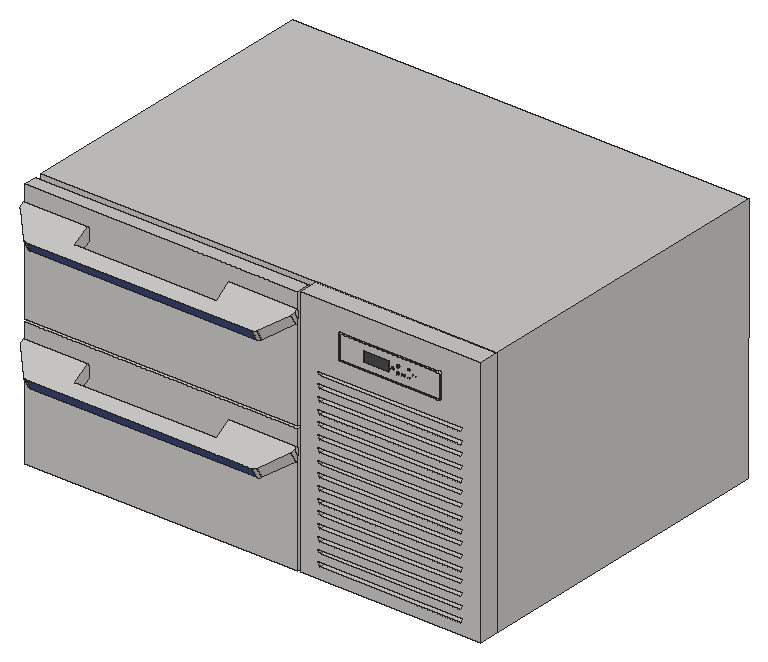
Revit family "QF_ELECTROLUXPROFESSIONAL_588483_MA6HDAJOBO", category Attrezzature speciali, Revit 2020
Family settings
  Quota connettore circolare = Usa diametro
  Tipo di parte = Normale
  Basato su piano di lavoro = No
  Sempre verticale = Sì
  Taglio con vuoti quando caricato = No
  Condiviso = No
  Punto di calcolo locali = No
Parameters (values of type "Standard")
  Weight = 80.00 kg
  Watts = 480 W
  Volts = 220 V
  URL Manufacturer = "https://www.electroluxprofessional.com/"
  URL = "https://www.electroluxprofessional.com/"
  Steam Supply Size = 0"
  Steam Supply Minimum Pressure = 0.00 psi
  Steam Supply Maximum Pressure = 0.00 psi
  Steam Consumption per Hour = 0
  Refrigeration Suction Line Size = 0 mm
  Refrigeration Liquid Line Size = 0 mm
  Refrigerant Compressor Remote = yes
  Prospetto di default = 0 mm
  Phase = 1
  Modello = "MA6HDAJOBO"
  Produttore = "Electrolux Professional"
  Length Actual = 1000 mm  # constant formula
  Item Number = "588483"
  Hot Water Size = 0"
  Height Actual = 550 mm  # constant formula
  HP = "0.6 HP"
  Gas Size = 0"
  Gas KW = 0
  Gas Input Pressure = 0.0 Btu/h
  Direct Waste Size = 0"
  Descrizione = "REF-FREEZER BASE,2DRAWERS,GN1/1,1S,1000X800X550H - R290"
  Depth Actual = 800 mm  # constant formula
  Cycle = 50 Hz
  Condensate Return Size = 0"
  Compressed Air Volume = 0 GPM
  Compressed Air Size = 0"
  Compressed Air Pressure = 0.00 psi
  Cold Water Size = 0"
  Accessory = yes
Reference planes
  plane 1 "BACK": y = 0
  plane 2: z = 0
  plane 3 "LEFT": x = -100
  plane 4 "RIGHT": x = 900
  plane 5 "FRONT": y = -800
  plane 6 "TOP": z = 900
  plane 7 "Center (Left/Right)": x = 400
  plane 8: y = -400
  plane 9: z = 100
  plane 10: y = -150
  plane 11 "Panel": y = -735
  plane 12: z = 798
  plane 13: x = -22
  plane 14: x = 822
  plane 15: y = -150
  plane 16: y = -650
  plane 17 "EIx": x = 770
  plane 18 "EIy": y = -85
  plane 19: z = 650
  plane 20 "GasX": x = 670
  plane 21 "EI2x": x = 600
  plane 22: y = -45
  plane 23: y = -780
Forms (mm)
  Extrusion 1, solid, material "QF_Finishes_Stainless Steel"
    sketch origin (-488.969, -4662, 100) x (-1, 0, 0) y (0, -1, 0)
      loop
        circle (-1258.969, -4577) r 6.35
    from 0 to -11.851
  Extrusion 2, solid, material "QF_Finishes_Stainless Steel"
    sketch origin (-178.969, -4572, 100) x (-1, 0, 0) y (0, -1, 0)
      loop
        line (-78.969, -4527) -> (-78.969, -3837) -> (-1078.969, -3837) -> (-1078.969, -4527) -> (-78.969, -4527)
    from 550 to 0
  Extrusion 3, solid, material "QF_Finishes_Stainless Steel"
    sketch origin (-658.969, -4662, 100) x (-1, 0, 0) y (0, -1, 0)
      loop
        circle (-1258.969, -4577) r 6.35
    from 0 to -11.851
  Extrusion 4, solid, material "QF_Finishes_Stainless Steel"
    sketch origin (-588.969, -4662, 100) x (-1, 0, 0) y (0, -1, 0)
      loop
        circle (-1258.969, -4577) r 6.35
    from 0 to -11.851
Lines and regions (mm)
  symbolic lines, style "SpecialityEquipmentHiddenLines"
    curve 1: line (-100, -45, 100) -> (900, -45, 100)
  symbolic lines
    curve 2: line (-100, -800, 100) -> (-100, -45, 100)
    curve 3: line (900, -800, 100) -> (-100, -800, 100)
    curve 4: line (900, -45, 100) -> (900, -800, 100)
Dimensions and locks
  plane 3 "LEFT" to plane 4 "RIGHT" = 1000 mm
  locked: plane 5 "FRONT" to plane 1 "BACK" at 800
  equal spacing: plane 3 "LEFT", plane 7 "Center (Left/Right)", plane 4 "RIGHT"
  equal spacing: plane 5 "FRONT", plane 8, plane 1 "BACK"
  plane 6 "TOP" to level = 900 mm  (x2)
  plane 9 to level = 100 mm
  plane 1 "BACK" to plane 10 to plane 11 "Panel" = 150 mm, 585 mm  (x2)
  plane 6 "TOP" to plane 9 to level = 800 mm, 100 mm
  plane 1 "BACK" to Extrusion 1 = 85 mm
  plane 13 to plane 3 "LEFT" = 78 mm
  plane 14 to plane 4 "RIGHT" = 78 mm
  locked: plane 1 "BACK" to plane 15 at 150
  locked: plane 15 to plane 16 at 500
  plane 11 "Panel" to plane 5 "FRONT" = 65 mm
  locked: plane 18 "EIy" to plane 1 "BACK" at 85
  plane 19 to plane 9 = 550 mm
  locked: plane 20 "GasX" to plane 4 "RIGHT" at 230
  locked: plane 17 "EIx" to plane 4 "RIGHT" at 130
  locked: plane 21 "EI2x" to plane 4 "RIGHT" at 300
  plane 1 "BACK" to plane 5 "FRONT" = 800 mm
  locked: plane 1 "BACK" to plane 22 at 45
  plane 5 "FRONT" to plane 23 = 20 mm
  plane 11 "Panel" to plane 23 = 45 mm
  aligned and locked: level to plane 2
  aligned and locked: nested 1 to plane 4 "RIGHT"
  aligned and locked: plane 3 "LEFT" to nested 2
  aligned and locked: plane 19 to nested 1
  aligned and locked: plane 22 to Extrusion 2
  aligned and locked: plane 11 "Panel" to nested 1
  aligned and locked: Extrusion 2 to plane 11 "Panel"  (x2)
  aligned and locked: plane 11 "Panel" to nested 2
Automatic sketch dimensions
  plane 1 "BACK" to curve 1 = 45 mm
  curve 1 to plane 4 "RIGHT" = 0 mm
  curve 3 to plane 3 "LEFT" = 0 mm
  plane 5 "FRONT" to curve 3 = 0 mm
  Extrusion 1 sketch curve to plane 17 "EIx" = 0 mm
  Extrusion 1 sketch curve to plane 18 "EIy" = 0 mm
  Extrusion 2 sketch curve to plane 4 "RIGHT" = 0 mm
  Extrusion 2 sketch curve to plane 3 "LEFT" = 0 mm
  Extrusion 2 sketch curve to plane 11 "Panel" = 0 mm
  plane 18 "EIy" to Extrusion 2 sketch curve = 40 mm
  Extrusion 3 sketch curve to plane 18 "EIy" = 0 mm
  Extrusion 3 sketch curve to plane 21 "EI2x" = 0 mm
  Extrusion 4 sketch curve to plane 18 "EIy" = 0 mm
  Extrusion 4 sketch curve to plane 20 "GasX" = 0 mm
  radius of Extrusion 1 sketch curve = 6.35 mm
  radius of Extrusion 3 sketch curve = 6.35 mm
  radius of Extrusion 4 sketch curve = 6.35 mm
Nested families
  nested 1: "QF_ELECTROLUXPROFESSIONAL_REF-FREEZER-UNIT" at (636.133, -735, 394.336) x (1, 0, 0) z (0, -1, 0), type "QF_ELECTROLUXPROFESSIONAL_REF-FREEZER-UNIT"
    with Show Logo yes
  nested 2: "Drawer_W600_Ref_Freezer" at (205, -735, 0), type "Drawer_W600_Ref_Freezer"
Connectors
  electrical at (770, -85, 88.149)
    settings: on Extrusion 1, index 1, voltage 400 V, apparent load 33000 VA, apparent load phase1 0 VA, apparent load phase2 0 VA, apparent load phase3 0 VA, power factor 1, load classification "Other", number of poles 1, system type 30, power factor state 1, is connector primary yes, connector utility no, sub classification motor no, connector description "ELECTRICAL CONNECTION"
  piping at (670, -85, 88.149), diameter 12.7
    settings: on Extrusion 4, index 2, connector inside diameter 24", connector length 0 mm, flow factor 0, pipe flow 0 GPM, pressure drop 0.00 psi, fitting loss kfactor 0, connector angle 0.00°, fixture units 0, engagement length 0 mm, angle of deflection 0.00°, flow configuration 1, flow direction 1, fitting loss method 0, system type 7, joint type 0, gender type 0, connector reference index -1, connector utility 0, adjustable connector no, is connector primary yes, connector description "Gas connection"
  electrical at (600, -85, 88.149)
    settings: on Extrusion 3, index 3, voltage 0 V, apparent load 0 VA, apparent load phase1 0 VA, apparent load phase2 0 VA, apparent load phase3 0 VA, power factor 1, load classification "Other", number of poles 1, system type 30, power factor state 1, is connector primary no, connector utility no, sub classification motor no, connector description "Electrical connection"
Definition of nested family "QF_ELECTROLUXPROFESSIONAL_REF-FREEZER-UNIT"
  Parameters
    Width = 395 mm
    Show Logo [instance] = yes
    Height = 550 mm
    Depth = 45 mm
    Default Elevation = 100 mm
  Reference planes
    plane 1 "Centro (Fronte/Retro)": y = -19.336
    plane 2: z = 0
    plane 3 "Centro (Sinistra/Destra)": x = 66.367
    plane 4 "Back": y = -294.336
    plane 5 "Top": y = 255.664
    plane 6 "Left": x = -131.133
    plane 7 "Right": x = 263.867
    plane 8 "Panel": z = 45
  Forms (mm)
    Extrusion 1, solid
      sketch origin (0, 0, 0) x (1, 0, 0) y (0, 1, 0)
        loop
          line (-1219.2, 1219.2) -> (-1219.2, -1219.2) -> (1219.2, -1219.2) -> (1219.2, 1219.2) -> (-1219.2, 1219.2)
      from 0 to -304.8
    Extrusion 2, solid
      sketch origin (66.367, 0, 0) x (0, 1, 0) y (0, 0, 1)
        loop
          line (-294.336, 45) -> (-294.336, 0) -> (255.664, 0) -> (255.664, 45) -> (-294.336, 45)
      from -197.5 to 197.5
    Sweep 3, solid
      path origin (0, 0, 0) x (1, 0, 0) y (0, 1, 0)
        loop
          line (175.167, 207.994) -> (-42.833, 207.994)
          arc (-42.833, 207.994) -> (-44.954, 207.115) -> (-45.833, 204.994) r 3
          line (-45.833, 204.994) -> (-45.833, 154.894)
          arc (-45.833, 154.894) -> (-44.954, 152.772) -> (-42.833, 151.894) r 3
          line (-42.833, 151.894) -> (175.167, 151.894)
          arc (175.167, 151.894) -> (177.289, 152.772) -> (178.167, 154.894) r 3
          line (178.167, 154.894) -> (178.167, 204.994)
          arc (178.167, 204.994) -> (177.289, 207.115) -> (175.167, 207.994) r 3
      profile origin (66.167, 207.994, 0) x (0, -1, 0) y (0, 0, 1)
        loop
          line (0, 45.003) -> (2, 45.003) -> (2, 47.003)
          arc (2, 47.003) -> (0.586, 46.417) -> (0, 45.003) r 2
    Extrusion 4, solid
      sketch origin (0, 0, 45) x (-1, 0, 0) y (0, -1, 0)
        loop
          arc (42.333, -206.244) -> (43.575, -205.726) -> (44.083, -204.479) r 1.75
          line (44.083, -204.479) -> (44.083, -155.379)
          arc (44.083, -155.379) -> (43.57, -154.156) -> (42.346, -153.644) r 1.75
          line (42.346, -153.644) -> (-174.654, -153.644)
          arc (-174.654, -153.644) -> (-175.9, -154.152) -> (-176.417, -155.394) r 1.75
          line (-176.417, -155.394) -> (-176.417, -204.494)
          arc (-176.417, -204.494) -> (-175.905, -205.731) -> (-174.667, -206.244) r 1.75
          line (-174.667, -206.244) -> (42.333, -206.244)
        loop
          arc (-9.317, -170.644) -> (-9.611, -169.937) -> (-10.317, -169.644) r 1.002
          line (-10.317, -169.644) -> (-63.917, -169.644)
          arc (-63.917, -169.644) -> (-64.621, -169.935) -> (-64.917, -170.637) r 1.002
          line (-64.917, -170.637) -> (-64.917, -189.751)
          arc (-64.917, -189.751) -> (-64.621, -190.453) -> (-63.917, -190.744) r 1.002
          line (-63.917, -190.744) -> (-10.317, -190.744)
          arc (-10.317, -190.744) -> (-9.611, -190.45) -> (-9.317, -189.744) r 1.002
          line (-9.317, -189.744) -> (-9.317, -170.644)
        loop
          line (-72.717, -183.367) -> (-69.06, -177.032) -> (-76.375, -177.032) -> (-72.717, -183.367)
        loop
          circle (-84.616, -187.247) r 3.169
        loop
          circle (-84.616, -173.141) r 3.169
        loop
          line (-93.382, -170.679) -> (-99.425, -170.679) -> (-99.425, -175.679) -> (-93.382, -175.679) -> (-93.382, -170.679)
        loop
          line (-106.292, -171.416) -> (-108.401, -170.022) -> (-110.543, -171.427) -> (-110.543, -173.081) -> (-108.414, -171.678) -> (-106.292, -173.081) -> (-106.292, -171.416)
        loop
          line (-106.172, -187.306) -> (-108.366, -188.753) -> (-110.527, -187.306) -> (-110.527, -189.011) -> (-108.366, -190.44) -> (-106.172, -189) -> (-106.172, -187.306)
        loop
          line (-117.509, -181.558) -> (-117.509, -179.018) -> (-122.899, -179.018) -> (-122.899, -181.558) -> (-117.509, -181.558)
      from 0 to 2.003
    Extrusion 5, solid
      sketch origin (0, 0, 45) x (-1, 0, 0) y (0, -1, 0)
        loop
          arc (-64.917, -189.751) -> (-64.621, -190.453) -> (-63.915, -190.744) r 1.002
          line (-63.915, -190.744) -> (-10.319, -190.744)
          arc (-10.319, -190.744) -> (-9.611, -190.45) -> (-9.317, -189.742) r 1.002
          line (-9.317, -189.742) -> (-9.317, -170.646)
          arc (-9.317, -170.646) -> (-9.611, -169.937) -> (-10.319, -169.644) r 1.002
          line (-10.319, -169.644) -> (-63.917, -169.644)
          arc (-63.917, -169.644) -> (-64.621, -169.935) -> (-64.917, -170.637) r 1.002
          line (-64.917, -170.637) -> (-64.917, -189.751)
      from 0 to 2.003
    Extrusion 6, solid
      sketch origin (0, 0, 45) x (-1, 0, 0) y (0, -1, 0)
        loop
          line (-69.06, -177.032) -> (-76.375, -177.032) -> (-72.717, -183.367) -> (-69.06, -177.032)
        loop
          circle (-84.616, -187.247) r 3.169
        loop
          circle (-84.616, -173.141) r 3.169
        loop
          line (-99.425, -170.679) -> (-99.425, -175.679) -> (-93.382, -175.679) -> (-93.382, -170.679) -> (-99.425, -170.679)
        loop
          line (-108.401, -170.022) -> (-110.543, -171.427) -> (-110.543, -173.081) -> (-108.414, -171.678) -> (-106.292, -173.081) -> (-106.292, -171.416) -> (-108.401, -170.022)
        loop
          line (-122.899, -179.018) -> (-122.899, -181.558) -> (-117.509, -181.558) -> (-117.509, -179.018) -> (-122.899, -179.018)
        loop
          line (-108.366, -188.753) -> (-110.527, -187.306) -> (-110.527, -189.011) -> (-108.366, -190.44) -> (-106.172, -189) -> (-106.172, -187.306) -> (-108.366, -188.753)
      from 0 to 2
    Extrusion 7, void
      sketch origin (0, 0, 45) x (-1, 0, 0) y (0, -1, 0)
        loop
          line (93.805, -115.164) -> (88.954, -105.485) -> (-221.688, -105.485) -> (-226.538, -115.164) -> (93.805, -115.164)
        loop
          line (93.805, -90.163) -> (88.954, -80.484) -> (-221.688, -80.484) -> (-226.538, -90.163) -> (93.805, -90.163)
        loop
          line (93.805, -65.163) -> (88.954, -55.485) -> (-221.688, -55.485) -> (-226.538, -65.163) -> (93.805, -65.163)
        loop
          line (93.805, -40.164) -> (88.954, -30.485) -> (-221.688, -30.485) -> (-226.538, -40.164) -> (93.805, -40.164)
        loop
          line (93.805, -15.163) -> (88.954, -5.484) -> (-221.688, -5.484) -> (-226.538, -15.163) -> (93.805, -15.163)
        loop
          line (93.805, 9.837) -> (88.954, 19.516) -> (-221.688, 19.516) -> (-226.538, 9.837) -> (93.805, 9.837)
        loop
          line (93.805, 34.836) -> (88.954, 44.515) -> (-221.688, 44.515) -> (-226.538, 34.836) -> (93.805, 34.836)
        loop
          line (93.805, 59.837) -> (88.954, 69.516) -> (-221.688, 69.516) -> (-226.538, 59.837) -> (93.805, 59.837)
        loop
          line (93.805, 84.837) -> (88.954, 94.515) -> (-221.688, 94.515) -> (-226.538, 84.837) -> (93.805, 84.837)
        loop
          line (93.805, 109.836) -> (88.954, 119.515) -> (-221.688, 119.515) -> (-226.538, 109.836) -> (93.805, 109.836)
        loop
          line (93.805, 134.837) -> (88.954, 144.516) -> (-221.688, 144.516) -> (-226.538, 134.837) -> (93.805, 134.837)
        loop
          line (93.805, 159.837) -> (88.954, 169.515) -> (-221.688, 169.515) -> (-226.538, 159.837) -> (93.805, 159.837)
        loop
          line (93.805, 184.837) -> (88.954, 194.515) -> (-221.688, 194.515) -> (-226.538, 184.837) -> (93.805, 184.837)
        loop
          line (93.805, 209.837) -> (88.954, 219.516) -> (-221.688, 219.516) -> (-226.538, 209.837) -> (93.805, 209.837)
        loop
          line (93.805, 234.837) -> (88.954, 244.515) -> (-221.688, 244.515) -> (-226.538, 234.837) -> (93.805, 234.837)
        loop
          line (93.805, 259.836) -> (88.954, 269.515) -> (-221.688, 269.515) -> (-226.538, 259.836) -> (93.805, 259.836)
      from 11.086 to -14.08
  Cuts and joins
    Extrusion 7 cuts Extrusion 2
  Lines and regions (mm)
    symbolic lines
      curve 1: line (-131.133, -294.336, 0) -> (-131.133, -294.336, 45)
  Dimensions and locks
    "Height": plane 5 "Top" to plane 4 "Back"
    equal spacing: plane 5 "Top", plane 1 "Centro (Fronte/Retro)", plane 4 "Back"
    "Width": plane 6 "Left" to plane 7 "Right"
    equal spacing: plane 6 "Left", plane 3 "Centro (Sinistra/Destra)", plane 7 "Right"
    plane 8 "Panel" to level = 45 mm
    aligned and locked: plane 2 to Extrusion 1
    aligned and locked: level to Extrusion 1
    aligned and locked: plane 5 "Top" to Extrusion 2 sketch curve
    aligned and locked: Extrusion 2 sketch curve to plane 4 "Back"
    aligned and locked: Extrusion 2 sketch curve to plane 8 "Panel"
    aligned and locked: Extrusion 2 sketch curve to Extrusion 1
  Automatic sketch dimensions
    Extrusion 1 sketch curve to Extrusion 1 sketch curve = 2438.4 mm  (x2)
    plane 6 "Left" to Sweep 3 sketch curve = 88.301 mm
    Sweep 3 sketch curve to plane 5 "Top" = 50.67 mm
    Sweep 3 sketch curve to Sweep 3 sketch curve = 3 mm  (x4)
    Sweep 3 sketch curve to plane 7 "Right" = 88.699 mm
    Sweep 3 sketch curve to Sweep 3 sketch curve = 50.1 mm
    Sweep 3 sketch curve to Sweep 3 sketch curve = 0 mm  (x2)
    Sweep 3 sketch curve to profile plane = 2 mm
    level to Sweep 3 sketch curve = 45.003 mm
    Sweep 3 sketch curve to profile plane = 0 mm
    Extrusion 5 sketch curve to plane 3 "Centro (Sinistra/Destra)" = 1.449 mm
    Extrusion 5 sketch curve to Extrusion 5 sketch curve = 1.002 mm  (x4)
    Extrusion 5 sketch curve to Extrusion 5 sketch curve = 0 mm  (x9)
    Extrusion 5 sketch curve to Extrusion 5 sketch curve = 53.596 mm
    Extrusion 5 sketch curve to plane 5 "Top" = 64.92 mm
    Extrusion 5 sketch curve to Extrusion 5 sketch curve = 0.993 mm
    Extrusion 5 sketch curve to Extrusion 5 sketch curve = 0.009 mm  (x2)
    Extrusion 5 sketch curve to Extrusion 5 sketch curve = 19.096 mm  (x2)
    Extrusion 5 sketch curve to Extrusion 5 sketch curve = 0.03 mm
    Extrusion 5 sketch curve to Extrusion 5 sketch curve = 0.028 mm
    Extrusion 4 sketch curve to plane 7 "Right" = 89.199 mm
    Extrusion 4 sketch curve to Extrusion 4 sketch curve = 0 mm  (x24)
    Extrusion 4 sketch curve to Extrusion 4 sketch curve = 0.013 mm  (x3)
    plane 3 "Centro (Sinistra/Destra)" to Extrusion 4 sketch curve = 56.533 mm
    Extrusion 4 sketch curve to Extrusion 4 sketch curve = 5.391 mm
    Extrusion 4 sketch curve to Extrusion 4 sketch curve = 6.966 mm
    Extrusion 4 sketch curve to Extrusion 4 sketch curve = 6.982 mm
    Extrusion 4 sketch curve to Extrusion 4 sketch curve = 2.129 mm
    Extrusion 4 sketch curve to Extrusion 4 sketch curve = 2.16 mm
    Extrusion 4 sketch curve to Extrusion 4 sketch curve = 2.122 mm
    Extrusion 4 sketch curve to Extrusion 4 sketch curve = 2.194 mm
    Extrusion 4 sketch curve to Extrusion 4 sketch curve = 6.867 mm
    Extrusion 4 sketch curve to Extrusion 4 sketch curve = 6.043 mm
    Extrusion 4 sketch curve to Extrusion 4 sketch curve = 8.767 mm  (x2)
    Extrusion 4 sketch curve to Extrusion 4 sketch curve = 8.241 mm
    plane 3 "Centro (Sinistra/Destra)" to Extrusion 4 sketch curve = 6.351 mm
    plane 3 "Centro (Sinistra/Destra)" to Extrusion 4 sketch curve = 2.693 mm
    Extrusion 4 sketch curve to plane 3 "Centro (Sinistra/Destra)" = 1.449 mm
    Extrusion 4 sketch curve to Extrusion 4 sketch curve = 1.002 mm  (x4)
    Extrusion 4 sketch curve to Extrusion 4 sketch curve = 53.596 mm
    Extrusion 4 sketch curve to Extrusion 4 sketch curve = 52.652 mm
    Extrusion 4 sketch curve to Extrusion 4 sketch curve = 1.75 mm  (x2)
    Extrusion 4 sketch curve to plane 5 "Top" = 51.17 mm  (x2)
    Extrusion 4 sketch curve to Extrusion 4 sketch curve = 0.015 mm  (x2)
    Extrusion 4 sketch curve to plane 5 "Top" = 65.223 mm
    Extrusion 4 sketch curve to Extrusion 4 sketch curve = 0.69 mm
    Extrusion 4 sketch curve to Extrusion 4 sketch curve = 0.009 mm  (x2)
    Extrusion 4 sketch curve to Extrusion 4 sketch curve = 1.429 mm
    Extrusion 4 sketch curve to Extrusion 4 sketch curve = 1.44 mm
    Extrusion 4 sketch curve to Extrusion 4 sketch curve = 1.687 mm
    Extrusion 4 sketch curve to Extrusion 4 sketch curve = 1.694 mm
    Extrusion 4 sketch curve to Extrusion 4 sketch curve = 1.706 mm
    Extrusion 4 sketch curve to Extrusion 4 sketch curve = 2.504 mm
    Extrusion 4 sketch curve to Extrusion 4 sketch curve = 6.383 mm
    Extrusion 4 sketch curve to Extrusion 4 sketch curve = 5.748 mm
    Extrusion 4 sketch curve to Extrusion 4 sketch curve = 2.539 mm
    Extrusion 4 sketch curve to Extrusion 4 sketch curve = 6.335 mm
    Extrusion 4 sketch curve to Extrusion 4 sketch curve = 11.568 mm
    Extrusion 4 sketch curve to Extrusion 4 sketch curve = 3.891 mm
    Extrusion 4 sketch curve to Extrusion 4 sketch curve = 5.937 mm
    Extrusion 4 sketch curve to Extrusion 4 sketch curve = 1.404 mm
    Extrusion 4 sketch curve to Extrusion 4 sketch curve = 1.654 mm
    Extrusion 4 sketch curve to Extrusion 4 sketch curve = 1.665 mm
    Extrusion 4 sketch curve to Extrusion 4 sketch curve = 5 mm
    Extrusion 4 sketch curve to Extrusion 4 sketch curve = 6.386 mm
    Extrusion 4 sketch curve to Extrusion 4 sketch curve = 19.096 mm
    Extrusion 4 sketch curve to Extrusion 4 sketch curve = 1.656 mm
    Extrusion 4 sketch curve to Extrusion 4 sketch curve = 49.1 mm  (x2)
    Extrusion 4 sketch curve to Extrusion 4 sketch curve = 0.002 mm  (x5)
    plane 3 "Centro (Sinistra/Destra)" to Extrusion 6 sketch curve = 56.533 mm
    Extrusion 6 sketch curve to Extrusion 6 sketch curve = 5.391 mm
    Extrusion 6 sketch curve to Extrusion 6 sketch curve = 6.966 mm
    Extrusion 6 sketch curve to Extrusion 6 sketch curve = 6.982 mm
    Extrusion 6 sketch curve to Extrusion 6 sketch curve = 2.129 mm
    Extrusion 6 sketch curve to Extrusion 6 sketch curve = 0.013 mm
    Extrusion 6 sketch curve to Extrusion 6 sketch curve = 2.16 mm
    Extrusion 6 sketch curve to Extrusion 6 sketch curve = 0 mm  (x2)
    Extrusion 6 sketch curve to Extrusion 6 sketch curve = 2.122 mm
    Extrusion 6 sketch curve to Extrusion 6 sketch curve = 2.194 mm
    Extrusion 6 sketch curve to Extrusion 6 sketch curve = 6.867 mm
    Extrusion 6 sketch curve to Extrusion 6 sketch curve = 6.043 mm
    Extrusion 6 sketch curve to Extrusion 6 sketch curve = 8.767 mm  (x2)
    Extrusion 6 sketch curve to Extrusion 6 sketch curve = 8.241 mm
    plane 3 "Centro (Sinistra/Destra)" to Extrusion 6 sketch curve = 6.351 mm
    plane 3 "Centro (Sinistra/Destra)" to Extrusion 6 sketch curve = 2.693 mm
    Extrusion 6 sketch curve to plane 5 "Top" = 65.223 mm
    Extrusion 6 sketch curve to Extrusion 6 sketch curve = 1.429 mm
    Extrusion 6 sketch curve to Extrusion 6 sketch curve = 1.44 mm
    Extrusion 6 sketch curve to Extrusion 6 sketch curve = 1.687 mm
    Extrusion 6 sketch curve to Extrusion 6 sketch curve = 1.706 mm
    Extrusion 6 sketch curve to Extrusion 6 sketch curve = 1.694 mm
    Extrusion 6 sketch curve to Extrusion 6 sketch curve = 0.059 mm
    Extrusion 6 sketch curve to Extrusion 6 sketch curve = 3.88 mm
    Extrusion 6 sketch curve to Extrusion 6 sketch curve = 5.748 mm
    Extrusion 6 sketch curve to Extrusion 6 sketch curve = 2.539 mm
    Extrusion 6 sketch curve to Extrusion 6 sketch curve = 6.335 mm
    Extrusion 6 sketch curve to Extrusion 6 sketch curve = 11.568 mm
    Extrusion 6 sketch curve to Extrusion 6 sketch curve = 3.891 mm
    Extrusion 6 sketch curve to Extrusion 6 sketch curve = 5.937 mm
    Extrusion 6 sketch curve to Extrusion 6 sketch curve = 1.404 mm
    Extrusion 6 sketch curve to Extrusion 6 sketch curve = 1.654 mm
    Extrusion 6 sketch curve to Extrusion 6 sketch curve = 1.665 mm
    Extrusion 6 sketch curve to Extrusion 6 sketch curve = 5 mm
    Extrusion 6 sketch curve to Extrusion 6 sketch curve = 1.656 mm
    Extrusion 7 sketch curve to plane 7 "Right" = 37.328 mm  (x2)
    Extrusion 7 sketch curve to Extrusion 7 sketch curve = 0 mm  (x25)
    plane 1 "Centro (Fronte/Retro)" to Extrusion 7 sketch curve = 15.5 mm
    Extrusion 7 sketch curve to plane 1 "Centro (Fronte/Retro)" = 9.5 mm
    Extrusion 7 sketch curve to Extrusion 7 sketch curve = 4.851 mm  (x32)
    plane 1 "Centro (Fronte/Retro)" to Extrusion 7 sketch curve = 0.179 mm
    plane 6 "Left" to Extrusion 7 sketch curve = 42.179 mm  (x5)
    Extrusion 7 sketch curve to Extrusion 7 sketch curve = 15.321 mm  (x14)
    Extrusion 7 sketch curve to Extrusion 7 sketch curve = 9.679 mm  (x15)
    curve 1 to plane 6 "Left" = 0 mm
    curve 1 to level = 0 mm
    curve 1 to plane 8 "Panel" = 0 mm
    radius of Extrusion 4 sketch curve = 3.169 mm  (x2)
    radius of Extrusion 6 sketch curve = 3.169 mm  (x2)
Definition of nested family "Drawer_W600_Ref_Freezer"
  Parameters
    Width = 600 mm
    Default Elevation = 0 mm
    Foro = 310 mm
    BordoCassetto = 118 mm
    BordoBattuta = 89 mm
  Reference planes
    plane 1 "Ref. Level": z = 0
    plane 2 "Center (Left/Right)": x = -5
    plane 3 "Left": x = -305
    plane 4 "Right": x = 295
    plane 5 "Top": z = 650
    plane 6 "Base": z = 100
    plane 7: z = 380
    plane 8 "BaseUp": z = 385
    plane 9 "ManopolaLow": through (-6096, -70.559, 332.255) normal (0, -0.515, 0.8572)
    plane 10 "ManopolaUp2": through (-6096, -614.412, 604.849) normal (0, -0.515, 0.8572)
    plane 11 "ManopolaLow2": through (-6096, -616.076, 332.255) normal (0, -0.515, 0.8572)
    plane 12: y = -640
    plane 13: y = -655
    plane 14 "ManopolaUp": through (-6096, -70.559, 602.255) normal (0, -0.515, 0.8572)
    plane 15: y = -15
    plane 16: y = -60
    plane 17: y = 840
    plane 18: x = -185
    plane 19: x = 175
    plane 20: x = -216
    plane 21: x = 206
    plane 22: x = -160
    plane 23: x = 150
  Forms (mm)
    Extrusion 1, solid
      sketch origin (-5, 84, 0) x (0, 1, 0) y (0, 0, 1)
        loop
          line (-129.03, 650) -> (-129.03, 385) -> (-99, 385) -> (-99, 650) -> (-129.03, 650)
      from -300 to 300
    Extrusion 2, solid
      sketch origin (-5, 84, -270) x (0, 1, 0) y (0, 0, 1)
        loop
          line (-129.03, 650) -> (-129.03, 370) -> (-99, 370) -> (-99, 650) -> (-129.03, 650)
      from -300 to 300
    Extrusion 3, solid, detail levels coarse
      sketch origin (-5, -464.17, -270) x (0, 1, 0) y (0, 0, 1)
        loop
          line (-129.03, 650) -> (-129.03, 370) -> (-101.83, 370) -> (-101.83, 650) -> (-129.03, 650)
      from -300 to 300
    Extrusion 4, solid, detail levels coarse
      sketch origin (-5, -464.17, 15) x (0, 1, 0) y (0, 0, 1)
        loop
          line (-129.03, 635) -> (-129.03, 370) -> (-101.83, 370) -> (-101.83, 635) -> (-129.03, 635)
      from -300 to 300
    Extrusion 5, solid, detail levels coarse
      sketch origin (0, 0, 100) x (-1, 0, 0) y (0, -1, 0)
        loop
          line (-206, 566) -> (-206, 553) -> (-175, 553) -> (-175, 60) -> (185, 60) -> (185, 553) -> (216, 553) -> (216, 566) -> (-206, 566)
      from 246 to 22
    Extrusion 6, solid, detail levels coarse
      sketch origin (0, 0, 385) x (0, 1, 0) y (-1, 0, 0)
        loop
          line (-566, -206) -> (-553, -206) -> (-553, -175) -> (-60, -175) -> (-60, 185) -> (-553, 185) -> (-553, 216) -> (-566, 216) -> (-566, -206)
      from 22 to 230
    Extrusion 7, solid
      sketch origin (0, 104.5, 100) x (-1, 0, 0) y (0, -1, 0)
        loop
          line (185, 119.5) -> (-175, 119.5) -> (-175, 104) -> (185, 104) -> (185, 119.5)
      from 22 to 246
    Extrusion 8, solid
      sketch origin (0, 104.5, 385) x (0, 1, 0) y (-1, 0, 0)
        loop
          line (-119.5, 185) -> (-119.5, -175) -> (-104.5, -175) -> (-104.5, 185) -> (-119.5, 185)
      from 22 to 230
  Lines and regions (mm)
    symbolic lines
      curve 1: line (-305, -149.043, 0) -> (-305, -514.03, 0)
      curve 2: line (295, -514.03, 0) -> (295, -149.03, 0)
      curve 3: line (-305, -655, 0) -> (-305, -689.743, 0)
      curve 4: line (175, -106.83, 0) -> (175, -553, 0)
      curve 5: line (295, -689.743, 0) -> (295, -690, 0)
      curve 6: line (206, -553, 0) -> (175, -553, 0)
      curve 7: line (206, -566, 0) -> (206, -553, 0)
      curve 8: line (-216, -553, 0) -> (-216, -566, 0)
      curve 9: line (-185, -553, 0) -> (-216, -553, 0)
      curve 10: line (-185, -60, 0) -> (-185, -553, 0)
      curve 11: line (295, -566, 0) -> (-305, -566, 0)
      curve 12: line (-305, -566, 0) -> (-305, -605.1, 0)
      curve 13: line (295, -566, 0) -> (295, -605.1, 0)
      curve 14: line (-305, -593.2, 0) -> (295, -593.2, 0)
  Dimensions and locks
    plane 6 "Base" to plane 5 "Top" = 550 mm
    plane 6 "Base" to level = 100 mm
    plane 6 "Base" to plane 7 = 280 mm
    plane 5 "Top" to plane 8 "BaseUp" = 265 mm
    plane 8 "BaseUp" to plane 7 = 5 mm
    "Width": plane 4 "Right" to plane 3 "Left"
    equal spacing: plane 4 "Right", plane 2 "Center (Left/Right)", plane 3 "Left"
    plane 17 to plane 13 = 1495 mm
    plane 17 to plane 15 = 855 mm
    plane 15 to plane 16 = 45 mm
    locked: plane 18 to plane 3 "Left" at 120
    locked: plane 19 to plane 4 "Right" at 120
    "Foro": plane 22 to plane 23
    plane 22 to nested 4 to plane 23 = 155 mm, 155 mm
    "BordoBattuta": plane 21 to plane 4 "Right"
    "BordoBattuta": plane 20 to plane 3 "Left"
    aligned and locked: Extrusion 6 to plane 18
    aligned and locked: Extrusion 4 to plane 3 "Left"
    aligned and locked: Extrusion 1 to plane 3 "Left"
    aligned and locked: Extrusion 4 to plane 4 "Right"
    aligned and locked: Extrusion 1 to plane 4 "Right"
    aligned and locked: Extrusion 3 to plane 4 "Right"
    aligned and locked: Extrusion 3 to plane 3 "Left"
    aligned and locked: Extrusion 2 to plane 3 "Left"
    aligned and locked: Extrusion 2 to plane 4 "Right"
    aligned and locked: Extrusion 6 to plane 20
    aligned and locked: Extrusion 5 to plane 20
    aligned and locked: Extrusion 6 to plane 21
    aligned and locked: Extrusion 5 to plane 21
    aligned and locked: plane 19 to Extrusion 6
    aligned and locked: curve 7 to plane 21
    aligned and locked: curve 10 to Extrusion 6
    aligned and locked: curve 4 to Extrusion 6
    aligned and locked: plane 2 "Center (Left/Right)" to nested 3
    aligned and locked: nested 4 to nested 3
    aligned and locked: plane 2 "Center (Left/Right)" to nested 2
  Automatic sketch dimensions
    Extrusion 1 sketch curve to plane 8 "BaseUp" = 0 mm
    Extrusion 1 sketch curve to plane 5 "Top" = 0 mm
    Extrusion 1 sketch curve to plane 15 = 0 mm
    plane 16 to Extrusion 1 sketch curve = 14.97 mm
    plane 6 "Base" to Extrusion 2 sketch curve = 0 mm
    Extrusion 2 sketch curve to plane 7 = 0 mm
    Extrusion 2 sketch curve to plane 15 = 0 mm
    plane 16 to Extrusion 2 sketch curve = 14.97 mm
    plane 6 "Base" to Extrusion 3 sketch curve = 0 mm
    Extrusion 3 sketch curve to plane 7 = 0 mm
    Extrusion 3 sketch curve to plane 12 = 46.8 mm
    Extrusion 3 sketch curve to Extrusion 3 sketch curve = 27.2 mm
    Extrusion 4 sketch curve to plane 8 "BaseUp" = 0 mm
    Extrusion 4 sketch curve to plane 5 "Top" = 0 mm
    Extrusion 4 sketch curve to plane 12 = 46.8 mm
    Extrusion 4 sketch curve to Extrusion 4 sketch curve = 27.2 mm
    Extrusion 5 sketch curve to plane 16 = 0 mm
    plane 4 "Right" to Extrusion 5 sketch curve = 89 mm
    Extrusion 5 sketch curve to Extrusion 5 sketch curve = 31 mm  (x2)
    plane 3 "Left" to Extrusion 5 sketch curve = 120 mm
    Extrusion 5 sketch curve to plane 12 = 87 mm  (x2)
    Extrusion 5 sketch curve to Extrusion 5 sketch curve = 13 mm
    Extrusion 6 sketch curve to plane 16 = 0 mm
    Extrusion 6 sketch curve to plane 12 = 87 mm  (x2)
    Extrusion 6 sketch curve to Extrusion 6 sketch curve = 13 mm
    plane 4 "Right" to Extrusion 6 sketch curve = 89 mm
    Extrusion 6 sketch curve to Extrusion 6 sketch curve = 31 mm  (x2)
    plane 3 "Left" to Extrusion 6 sketch curve = 120 mm
    Extrusion 7 sketch curve to plane 15 = 0 mm
    plane 4 "Right" to Extrusion 7 sketch curve = 120 mm
    plane 3 "Left" to Extrusion 7 sketch curve = 120 mm
    Extrusion 7 sketch curve to Extrusion 7 sketch curve = 15.5 mm
    Extrusion 8 sketch curve to plane 15 = 0 mm
    Extrusion 8 sketch curve to Extrusion 8 sketch curve = 15 mm
    plane 4 "Right" to Extrusion 8 sketch curve = 120 mm
    plane 3 "Left" to Extrusion 8 sketch curve = 120 mm
    curve 1 to plane 3 "Left" = 0 mm
    curve 14 to plane 3 "Left" = 0 mm
    curve 3 to plane 3 "Left" = 0 mm
    curve 5 to plane 4 "Right" = 0 mm
    curve 2 to plane 4 "Right" = 0 mm
    curve 13 to plane 4 "Right" = 0 mm
    curve 3 to plane 13 = 0 mm
    curve 10 to plane 16 = 0 mm
    curve 9 to plane 18 = 31 mm
    curve 11 to plane 12 = 74 mm
    curve 7 to curve 7 = 13 mm
    curve 8 to curve 9 = 13 mm
    curve 3 to curve 3 = 34.743 mm
    curve 5 to plane 13 = 34.743 mm
    curve 5 to curve 5 = 0.257 mm
    curve 13 to plane 12 = 34.9 mm
    curve 12 to plane 12 = 34.9 mm
    curve 12 to curve 14 = 11.9 mm
    curve 11 to curve 1 = 51.97 mm
    curve 11 to curve 2 = 51.97 mm
    curve 1 to plane 16 = 89.043 mm
    curve 2 to plane 16 = 89.03 mm
    curve 4 to plane 16 = 46.83 mm
  Nested families
    nested 1: "Maniglia600" at (0, -20, -9.834), type "Maniglia600"
    nested 2: "Maniglia600" at (0, -20, -279.834), type "Maniglia600"
    nested 3: "Maniglia600_Clearence" at (0, -568.17, -9.834), type "Maniglia600_Clearence"
    nested 4: "Maniglia600_Clearence" at (0, -568.17, -281.429), type "Maniglia600_Clearence"
  Definition of nested family "Maniglia600"
    Parameters
      Width = 600 mm
      Default Elevation = 0 mm
    Reference planes
      plane 1 "Center (Front/Back)": y = 0
      plane 2 "Ref. Level": z = 0
      plane 3 "Center (Left/Right)": x = -5
      plane 4: x = -305
      plane 5: x = 295
      plane 6 "Manopola": through (-6096, -50.059, 612.389) normal (0, -0.515, 0.8572)
      plane 7 "Top": z = 650
      plane 8: z = 265
      plane 9: z = 200
    Forms (mm)
      Extrusion 1, solid
        sketch origin (0, -283.633, 472.044) x (0, 0.857167, 0.515038) y (-1, 0, 0)
          loop
            line (299.12, -295) -> (299.12, 305) -> (290.982, 305)
            arc (290.982, 305) -> (286.677, 304.026) -> (283.211, 301.293) r 10
            line (283.211, 301.293) -> (233.28, 260.86)
            arc (233.28, 260.86) -> (230.548, 257.394) -> (229.574, 253.089) r 10
            line (229.574, 253.089) -> (229.574, -243.089)
            arc (229.574, -243.089) -> (230.548, -247.394) -> (233.28, -250.86) r 10
            line (233.28, -250.86) -> (283.211, -291.293)
            arc (283.211, -291.293) -> (286.677, -294.026) -> (290.982, -295) r 10
            line (290.982, -295) -> (299.12, -295)
        from -27 to 0
      Extrusion 2, void
        sketch origin (-5, 0, 0) x (0, 1, 0) y (0, 0, 1)
          loop
            line (-61.514, 605.507) -> (-47.608, 582.363) -> (-25.03, 595.93) -> (-25.03, 627.429) -> (-61.514, 605.507)
        from -160 to 150
      Extrusion 3, void
        sketch origin (-5, 0, 0) x (0, 1, 0) y (0, 0, 1)
          loop
            line (-25.03, 595.93) -> (-13.331, 602.959) -> (-25.03, 622.429) -> (-25.03, 595.93)
        from -300 to 300
    Cuts and joins
      Extrusion 2, Extrusion 3 cuts Extrusion 1
    Lines and regions (mm)
      symbolic lines
        curve 1: line (-297.355, -45.043, 0) -> (-260.86, -83.673, 0)
        curve 2: line (-253.089, -86.85, 0) -> (243.089, -86.85, 0)
        curve 3: line (250.86, -83.673, 0) -> (287.355, -45.043, 0)
        curve 4: arc (-253.089, -86.85, 0) -> (-257.318, -86.101, 0) -> (-260.86, -83.673, 0) r 10.165
        curve 5: arc (243.089, -86.85, 0) -> (247.318, -86.101, 0) -> (250.86, -83.673, 0) r 10.165
    Dimensions and locks
      plane 9 to level = 200 mm
      plane 8 to plane 9 = 65 mm
      plane 8 to plane 7 "Top" = 385 mm
      plane 7 "Top" to plane 9 = 450 mm
      "Width": plane 4 to plane 5
      equal spacing: plane 4, plane 3 "Center (Left/Right)", plane 5
      aligned and locked: Extrusion 3 to Extrusion 1
      aligned and locked: Extrusion 1 to Extrusion 3
    Automatic sketch dimensions
      plane 4 to curve 1 = 44.14 mm
      curve 4 to curve 4 = 7.389 mm
      curve 1 to curve 2 = 7.771 mm
      plane 5 to curve 2 = 51.911 mm
      curve 2 to curve 5 = 0.382 mm
      curve 2 to curve 3 = 7.771 mm
      plane 1 "Center (Front/Back)" to curve 2 = 86.85 mm
      curve 2 to curve 3 = 3.177 mm
      curve 4 to curve 1 = 3.177 mm
      plane 4 to curve 1 = 7.645 mm
      plane 5 to curve 3 = 7.645 mm
      plane 1 "Center (Front/Back)" to curve 1 = 45.043 mm
      plane 1 "Center (Front/Back)" to curve 3 = 45.043 mm
      Extrusion 1 sketch curve to plane 5 = 0 mm
      Extrusion 1 sketch curve to plane 4 = 0 mm
      plane 4 to Extrusion 1 sketch curve = 51.911 mm
      plane 5 to Extrusion 1 sketch curve = 44.14 mm
      Extrusion 1 sketch curve to Extrusion 1 sketch curve = 3.707 mm  (x2)
      plane 4 to Extrusion 1 sketch curve = 44.14 mm
      Extrusion 1 sketch curve to Extrusion 1 sketch curve = 6.293 mm
      plane 5 to Extrusion 1 sketch curve = 3.707 mm
      Extrusion 1 sketch curve to Extrusion 1 sketch curve = 49.93 mm  (x2)
      plane 4 to Extrusion 1 sketch curve = 3.707 mm
      Extrusion 1 sketch curve to Extrusion 1 sketch curve = 7.771 mm
      plane 4 to Extrusion 1 sketch curve = 10 mm
      Extrusion 1 sketch curve to Extrusion 1 sketch curve = 8.138 mm
      Extrusion 2 sketch curve to plane 6 "Manopola" = 0 mm  (x2)
      Extrusion 2 sketch curve to plane 7 "Top" = 44.493 mm
      Extrusion 2 sketch curve to Extrusion 2 sketch curve = 13.906 mm
      plane 1 "Center (Front/Back)" to Extrusion 2 sketch curve = 25.03 mm
      Extrusion 3 sketch curve to plane 7 "Top" = 27.571 mm
      plane 1 "Center (Front/Back)" to Extrusion 3 sketch curve = 13.331 mm
      Extrusion 3 sketch curve to Extrusion 3 sketch curve = 19.47 mm
      Extrusion 3 sketch curve to Extrusion 3 sketch curve = 7.029 mm
  Definition of nested family "Maniglia600_Clearence"
    Parameters
      Width = 600 mm
      Default Elevation = 0 mm
    Reference planes
      plane 1 "Center (Front/Back)": y = 0
      plane 2 "Ref. Level": z = 0
      plane 3 "Center (Left/Right)": x = -5
      plane 4: x = -305
      plane 5: x = 295
      plane 6 "Manopola": through (-6096, -50.059, 612.389) normal (0, -0.515, 0.8572)
      plane 7 "Top": z = 650
      plane 8: z = 265
      plane 9: z = 200
    Forms (mm)
      Extrusion 1, solid, detail levels coarse
        sketch origin (0, -283.633, 472.044) x (0, 0.857167, 0.515038) y (-1, 0, 0)
          loop
            line (299.12, -295) -> (299.12, 305) -> (290.982, 305)
            arc (290.982, 305) -> (286.677, 304.026) -> (283.211, 301.293) r 10
            line (283.211, 301.293) -> (233.28, 260.86)
            arc (233.28, 260.86) -> (230.548, 257.394) -> (229.574, 253.089) r 10
            line (229.574, 253.089) -> (229.574, -243.089)
            arc (229.574, -243.089) -> (230.548, -247.394) -> (233.28, -250.86) r 10
            line (233.28, -250.86) -> (283.211, -291.293)
            arc (283.211, -291.293) -> (286.677, -294.026) -> (290.982, -295) r 10
            line (290.982, -295) -> (299.12, -295)
        from -27 to 0
      Extrusion 2, void
        sketch origin (-5, 0, 0) x (0, 1, 0) y (0, 0, 1)
          loop
            line (-61.514, 605.507) -> (-47.608, 582.363) -> (-25.03, 595.93) -> (-25.03, 627.429) -> (-61.514, 605.507)
        from -160 to 150
      Extrusion 3, void
        sketch origin (-5, 0, 0) x (0, 1, 0) y (0, 0, 1)
          loop
            line (-25.03, 595.93) -> (-13.331, 602.959) -> (-25.03, 622.429) -> (-25.03, 595.93)
        from -300 to 300
    Cuts and joins
      Extrusion 2, Extrusion 3 cuts Extrusion 1
    Lines and regions (mm)
      symbolic lines
        curve 1: line (-303.91, -38.104, 0) -> (-260.86, -83.673, 0)
        curve 2: line (-253.089, -86.85, 0) -> (243.089, -86.85, 0)
        curve 3: line (250.86, -83.673, 0) -> (291.293, -40.874, 0)
        curve 4: arc (-253.089, -86.85, 0) -> (-257.318, -86.101, 0) -> (-260.86, -83.673, 0) r 10.165
        curve 5: arc (243.089, -86.85, 0) -> (247.318, -86.101, 0) -> (250.86, -83.673, 0) r 10.165
        curve 6: spline (-305, -34.212, 0) -> (-304.973, -34.848, 0) -> (-304.89, -35.479, 0) -> (-304.753, -36.104, 0) -> (-304.563, -36.719, 0) -> (-304.32, -37.319, 0) -> (-304.026, -37.903, 0) -> (-303.682, -38.466, 0) -> (-303.29, -39.006, 0) -> (-302.853, -39.519, 0) -> (-302.373, -40.003, 0) -> (-301.852, -40.456, 0) -> (-301.293, -40.874, 0)
        curve 7: line (-305, -25.03, 0) -> (-305, -34.212, 0)
        curve 8: line (-305, -25.03, 0) -> (-165, -25.03, 0)
        curve 9: line (-165, -25.03, 0) -> (-165, -61.514, 0)
        curve 10: line (295, -34.212, 0) -> (295, -25.03, 0)
        curve 11: spline (291.293, -40.874, 0) -> (291.852, -40.456, 0) -> (292.373, -40.003, 0) -> (292.853, -39.519, 0) -> (293.29, -39.006, 0) -> (293.682, -38.466, 0) -> (294.026, -37.903, 0) -> (294.32, -37.319, 0) -> (294.563, -36.719, 0) -> (294.753, -36.104, 0) -> (294.89, -35.479, 0) -> (294.973, -34.848, 0) -> (295, -34.212, 0)
        curve 12: line (145, -25.03, 0) -> (145, -61.514, 0)
        curve 13: line (145, -61.514, 0) -> (-165, -61.514, 0)
        curve 14: line (145, -25.03, 0) -> (295, -25.03, 0)
    Dimensions and locks
      plane 9 to level = 200 mm
      plane 8 to plane 9 = 65 mm
      plane 8 to plane 7 "Top" = 385 mm
      plane 7 "Top" to plane 9 = 450 mm
      "Width": plane 4 to plane 5
      equal spacing: plane 4, plane 3 "Center (Left/Right)", plane 5
      aligned and locked: Extrusion 3 to Extrusion 1
      aligned and locked: Extrusion 1 to Extrusion 3
    Automatic sketch dimensions
      Extrusion 1 sketch curve to plane 5 = 0 mm
      Extrusion 1 sketch curve to plane 4 = 0 mm
      plane 4 to Extrusion 1 sketch curve = 51.911 mm
      plane 5 to Extrusion 1 sketch curve = 44.14 mm
      Extrusion 1 sketch curve to Extrusion 1 sketch curve = 3.707 mm  (x2)
      plane 4 to Extrusion 1 sketch curve = 44.14 mm
      Extrusion 1 sketch curve to Extrusion 1 sketch curve = 6.293 mm
      plane 5 to Extrusion 1 sketch curve = 3.707 mm
      Extrusion 1 sketch curve to Extrusion 1 sketch curve = 49.93 mm  (x2)
      plane 4 to Extrusion 1 sketch curve = 3.707 mm
      Extrusion 1 sketch curve to Extrusion 1 sketch curve = 7.771 mm
      plane 4 to Extrusion 1 sketch curve = 10 mm
      Extrusion 1 sketch curve to Extrusion 1 sketch curve = 8.138 mm
      Extrusion 2 sketch curve to plane 6 "Manopola" = 0 mm  (x2)
      Extrusion 2 sketch curve to plane 7 "Top" = 44.493 mm
      Extrusion 2 sketch curve to Extrusion 2 sketch curve = 13.906 mm
      plane 1 "Center (Front/Back)" to Extrusion 2 sketch curve = 25.03 mm
      Extrusion 3 sketch curve to plane 7 "Top" = 27.571 mm
      plane 1 "Center (Front/Back)" to Extrusion 3 sketch curve = 13.331 mm
      Extrusion 3 sketch curve to Extrusion 3 sketch curve = 19.47 mm
      Extrusion 3 sketch curve to Extrusion 3 sketch curve = 7.029 mm
      curve 8 to plane 4 = 0 mm
      curve 10 to plane 5 = 0 mm
      plane 4 to curve 1 = 44.14 mm
      curve 1 to curve 4 = 7.389 mm
      curve 1 to curve 2 = 7.771 mm
      plane 5 to curve 2 = 51.911 mm
      curve 5 to curve 5 = 0.382 mm
      curve 5 to curve 3 = 7.771 mm
      plane 5 to curve 3 = 3.707 mm
      plane 1 "Center (Front/Back)" to curve 2 = 86.85 mm
      curve 5 to curve 3 = 3.177 mm
      curve 2 to curve 1 = 3.177 mm
      plane 1 "Center (Front/Back)" to curve 3 = 40.874 mm
      plane 1 "Center (Front/Back)" to curve 7 = 34.212 mm
      curve 3 to curve 10 = 6.661 mm
      curve 11 to curve 14 = 9.183 mm
      plane 4 to curve 1 = 1.09 mm
      plane 4 to curve 6 = 3.707 mm
      curve 6 to curve 6 = 6.293 mm
      curve 4 to curve 9 = 88.471 mm
      curve 12 to curve 5 = 98.471 mm
      curve 11 to curve 11 = 16.293 mm
      curve 13 to curve 9 = 36.484 mm
      plane 1 "Center (Front/Back)" to curve 13 = 61.514 mm
